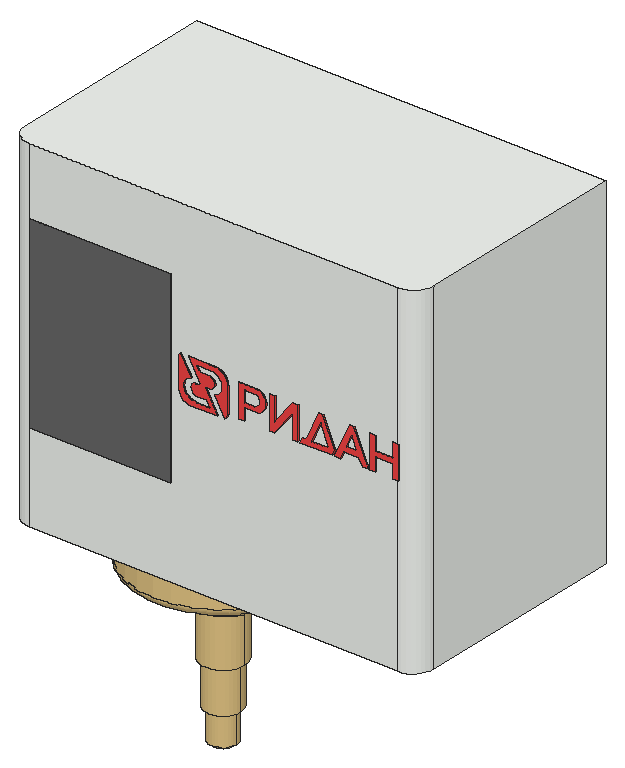
Revit family "Ридан_Термостат защиты от замерзания KP61R", category Арматура трубопроводов, Revit 2019
Family settings
  Размер круглого соединителя = Использовать диаметр
  Тип детали = Нормальный
  На основе рабочей плоскости = Нет
  Всегда вертикально = Да
  При загрузке вырезать с полостями = Нет
  Общий = Нет
Parameters (values of type "060L126566R - 12 м")
  Контакты_Производитель = "info@ridan.ru"  # constant formula
  LT = "KPI61R"  # constant formula
  ADSK_Наименование = size_lookup(LT, "Name", "", A)  # "Термостат защиты от замерзания KP61R,  капиллярная трубка 12 м"
  ADSK_Масса_Текст = ""
  ADSK_Масса = size_lookup(LT, "M", 0, A)  # 0.5
  ADSK_Марка = size_lookup(LT, "Mark", "", A)  # "KP61R"
  ADSK_Количество = 1  # constant formula
  ADSK_Код изделия = size_lookup(LT, "", "", A)  # "060L126566R"
  ADSK_Завод-изготовитель = "ООО «Ридан-Трейд»"  # constant formula
  ADSK_Единица измерения = "шт."
  ADSK_Версия семейства = "1.0"  # constant formula
  ADSK_Версия Revit = "2019"  # constant formula
  A = 4 mm
Types (5, lengths in mm): name | ADSK_Наименование | ADSK_Код изделия | A
  (no name) | "Термостат защиты от замерзания KP61R,  капиллярная трубка 12 м" | "060L126566R" | 4
  060L126666R - 1 м | "Термостат защиты от замерзания KP61R,  капиллярная трубка 1 м" | "060L126666R" | 1
  060L126766R - 3 м | "Термостат защиты от замерзания KP61R,  капиллярная трубка 3 м" | "060L126766R" | 2
  060L126466R - 6 м | "Термостат защиты от замерзания KP61R,  капиллярная трубка 6 м" | "060L126466R" | 3
  060L126566R - 12 м | "Термостат защиты от замерзания KP61R,  капиллярная трубка 12 м" | "060L126566R" | 4
Reference planes
  plane 1 "По центру (Вперед/Назад)": y = 0
  plane 2: z = 0
  plane 3 "По центру (Влево/Вправо)": x = 0
Forms (mm)
  Extrusion 1, solid, material "Белый", detail levels fine
    sketch origin (0, 0, 0) x (1, 0, 0) y (0, 1, 0)
      loop
        arc (-40, -19) -> (-38.828, -21.828) -> (-36, -23) r 4
        line (-36, -23) -> (36, -23)
        arc (36, -23) -> (38.828, -21.828) -> (40, -19) r 4
        line (40, -19) -> (40, 23) -> (-40, 23) -> (-40, -19)
    from 0 to 67.268
  Revolve 2, solid, material "Латунь", detail levels fine
    sketch origin (0, 0, 0) x (1, 0, 0) y (0, 0, 1)
      loop
        arc (-33.5, -8.232) -> (-33.061, -9.292) -> (-32, -9.732) r 1.5
        line (-32, -9.732) -> (-28.138, -9.732)
        arc (-28.138, -9.732) -> (-27.6, -9.888) -> (-27.231, -10.31) r 1
        line (-27.231, -10.31) -> (-25.769, -13.453)
        arc (-25.769, -13.453) -> (-25.4, -13.875) -> (-24.862, -14.032) r 1
        line (-24.862, -14.032) -> (-21.5, -14.032) -> (-21.5, -15.032) -> (-20.7, -15.032) -> (-20.7, -26.032) -> (-19.9, -26.032) -> (-19.9, -34.532) -> (-19.1, -34.532) -> (-19.1, -40.532) -> (-18.386, -41.032) -> (-16.5, -41.032) -> (-16.5, 0) -> (-33.5, 0) -> (-33.5, -8.232)
      axis (-16.5, -41.032) -> (-16.5, 0)
    angle from 0 to 360
  Revolve 3, solid, material "Пластик светло-черный", detail levels fine
    sketch origin (0, 0, 0) x (1, 0, 0) y (0, 0, 1)
      loop
        line (13, -2.432) -> (13.8, -2.432) -> (13.8, -3.932) -> (17.5, -3.932) -> (17.5, 0) -> (13, 0) -> (13, -2.432)
      axis (17.5, -3.932) -> (17.5, 0)
    angle from 0 to 360
  Extrusion 4, solid, material "Пластик светло-черный", detail levels fine
    sketch origin (-2.366, 0, 0) x (1, 0, 0) y (0, 0, 1)
      loop
        line (-5.9, 54.168) -> (-33.6, 54.168) -> (-33.6, 17.468) -> (-5.9, 17.468) -> (-5.9, 54.168)
    from 22.1 to 23.1
  Blend 5, solid, material "Пластик светло-черный", detail levels fine
    base sketch origin (0, 0, 0) x (1, 0, 0) y (0, 0, 1)
      loop
        arc (9.5, 44.318) -> (2.25, 51.568) -> (-5, 44.318) r 7.25
        line (-5, 44.318) -> (-5, 19.318)
        arc (-5, 19.318) -> (2.25, 12.068) -> (9.5, 19.318) r 7.25
        line (9.5, 19.318) -> (9.5, 44.318)
    top sketch origin (0, 0, 0) x (1, 0, 0) y (0, 0, 1)
      loop
        arc (5.383, 44.318) -> (2.25, 47.451) -> (-0.883, 44.318) r 3.133
        line (-0.883, 44.318) -> (-0.883, 19.318)
        arc (-0.883, 19.318) -> (2.25, 16.186) -> (5.383, 19.318) r 3.133
        line (5.383, 19.318) -> (5.383, 44.318)
    from -23 to -25
  Blend 6, solid, material "Пластик светло-черный", detail levels fine
    base sketch origin (0, 0, 0) x (1, 0, 0) y (0, 0, 1)
      loop
        arc (34.5, 44.318) -> (27.25, 51.568) -> (20, 44.318) r 7.25
        line (20, 44.318) -> (20, 19.318)
        arc (20, 19.318) -> (27.25, 12.068) -> (34.5, 19.318) r 7.25
        line (34.5, 19.318) -> (34.5, 44.318)
    top sketch origin (0, 0, 0) x (1, 0, 0) y (0, 0, 1)
      loop
        arc (30.383, 44.318) -> (27.25, 47.451) -> (24.117, 44.318) r 3.133
        line (24.117, 44.318) -> (24.117, 19.318)
        arc (24.117, 19.318) -> (27.25, 16.186) -> (30.383, 19.318) r 3.133
        line (30.383, 19.318) -> (30.383, 44.318)
    from -23 to -25
  Extrusion 7, solid, material "Красный", detail levels fine
    sketch origin (-16.325, 0.8, -26.802) x (1, 0, 0) y (0, 0, 1)
      loop
        line (11.538, 67.787) -> (13.847, 63.509) -> (13.018, 63.509)
        arc (13.018, 63.509) -> (12.336, 63.226) -> (12.054, 62.544) r 0.964
        arc (12.054, 62.544) -> (12.412, 61.679) -> (13.277, 61.321) r 1.223
        line (13.277, 61.321) -> (15.07, 61.321) -> (15.66, 60.211) -> (13.162, 60.211)
        arc (13.162, 60.211) -> (12.187, 60.384) -> (11.331, 60.882) r 2.835
        arc (11.331, 60.882) -> (10.709, 61.716) -> (10.649, 62.756) r 1.809
        arc (10.649, 62.756) -> (11.183, 63.706) -> (12.136, 64.234) r 1.993
        line (12.136, 64.234) -> (9.929, 67.787)
        arc (9.929, 67.787) -> (9.641, 67.323) -> (9.54, 66.786) r 1.486
        line (9.54, 66.786) -> (9.54, 61.74)
        arc (9.54, 61.74) -> (10.272, 59.975) -> (12.038, 59.243) r 2.497
        line (12.038, 59.243) -> (17.179, 59.243) -> (14.877, 63.509) -> (15.766, 63.509)
        arc (15.766, 63.509) -> (16.244, 63.738) -> (16.588, 64.142) r 1.277
        arc (16.588, 64.142) -> (16.698, 64.597) -> (16.588, 65.052) r 0.999
        arc (16.588, 65.052) -> (16.262, 65.494) -> (15.756, 65.709) r 1.04
        line (15.756, 65.709) -> (13.661, 65.709) -> (13.091, 66.779) -> (15.939, 66.779)
        arc (15.939, 66.779) -> (16.983, 66.466) -> (17.767, 65.709) r 2.306
        arc (17.767, 65.709) -> (18.074, 64.846) -> (17.984, 63.935) r 2.091
        arc (17.984, 63.935) -> (17.48, 63.154) -> (16.661, 62.715) r 1.854
        line (16.661, 62.715) -> (18.683, 59.349)
        arc (18.683, 59.349) -> (19.085, 59.697) -> (19.235, 60.207) r 0.943
        line (19.235, 60.207) -> (19.235, 65.245)
        arc (19.235, 65.245) -> (18.49, 67.043) -> (16.693, 67.787) r 2.542
        line (16.693, 67.787) -> (11.538, 67.787)
      loop
        line (21.379, 66.731) -> (21.379, 60.3) -> (22.498, 60.3) -> (22.498, 62.586) -> (24.76, 62.586)
        arc (24.76, 62.586) -> (25.747, 62.884) -> (26.447, 63.641) r 1.962
        arc (26.447, 63.641) -> (26.675, 64.9) -> (26.149, 66.068) r 2.156
        arc (26.149, 66.068) -> (25.516, 66.543) -> (24.747, 66.731) r 1.973
        line (24.747, 66.731) -> (21.379, 66.731)
      loop
        line (22.498, 65.717) -> (22.498, 63.5) -> (24.473, 63.5)
        arc (24.473, 63.5) -> (25.194, 63.859) -> (25.519, 64.596) r 1.186
        arc (25.519, 64.596) -> (25.24, 65.384) -> (24.473, 65.717) r 1.048
        line (24.473, 65.717) -> (22.498, 65.717)
      loop
        line (27.421, 66.731) -> (27.421, 60.3) -> (28.341, 60.3) -> (31.904, 64.785) -> (31.904, 60.3) -> (32.975, 60.3) -> (32.975, 66.731) -> (32.03, 66.731) -> (28.492, 62.233) -> (28.492, 66.731) -> (27.421, 66.731)
      loop
        line (33.399, 60.3) -> (39.788, 60.3) -> (40.222, 61.323) -> (37.848, 66.731) -> (36.984, 66.731) -> (34.619, 61.323) -> (33.833, 61.323) -> (33.399, 60.3)
      loop
        line (35.751, 61.323) -> (39.081, 61.323) -> (37.408, 65.136) -> (35.751, 61.323)
      loop
        line (43.059, 66.731) -> (40.231, 60.3) -> (41.38, 60.3) -> (41.998, 61.714) -> (44.942, 61.714) -> (45.56, 60.3) -> (46.733, 60.3) -> (43.922, 66.731) -> (43.059, 66.731)
      loop
        line (47.054, 66.731) -> (47.054, 60.3) -> (48.175, 60.3) -> (48.175, 63.028) -> (51.585, 63.028) -> (51.585, 60.3) -> (52.657, 60.3) -> (52.657, 66.731) -> (51.585, 66.731) -> (51.585, 64.05) -> (48.175, 64.05) -> (48.175, 66.731) -> (47.054, 66.731)
      loop
        line (42.444, 62.735) -> (44.496, 62.735) -> (43.455, 65.116) -> (42.444, 62.735)
    from 22.8 to 23.9
Lines and regions (mm)
  model lines, detail levels coarse+medium
    curve 1: circle (0.083, 0, 61.7) r 30 normal (0, -1, 0)
    curve 2: line (0.083, 0, 31.7) -> (0.083, 0, 0)
    curve 3: line (0, 0, 80.913) -> (0, 0, 38.646)
    curve 4: line (-15, 0, 80.913) -> (15, 0, 80.913)
Dimensions and locks
  aligned and locked: level to plane 2
Nested families
  nested 1: "УГО_ЭУ_реле_T" at (0, 0, 0), type "УГО_ЭУ_реле_T"
    with УГО_Длина 100 mm, УГО_Высота 76.308 mm
Connectors
  electrical at (17.5, 0, -3.932)
    settings: on Revolve 3, index 1, voltage 0 V, apparent load 0 VA, apparent load phase1 0 VA, apparent load phase2 0 VA, apparent load phase3 0 VA, power factor 1, load classification "Прочее", number of poles 1, system type 13, power factor state 1, is connector primary yes, connector utility no, sub classification motor no, connector description ""
Definition of nested family "УГО_ЭУ_реле_T"
  Parameters (values of type "УГО_ЭУ_реле_T")
    УГО_Длина [instance] = 100 mm
    УГО_Высота [instance] = УГО_Длина * 0.76308  # 76.308 mm
  Reference planes
    plane 1 "По центру (Вперед/Назад)": y = 0
    plane 2: z = 0
    plane 3 "По центру (Влево/Вправо)": x = 0
  Lines and regions (mm)
    detail lines, in view "Опорный уровень", detail levels coarse+medium
      curve 1: line (0, 0, 0) -> (0, 31, 0)
      curve 2: circle (0, 61, 0) r 30 normal (0, 0, 1)
      curve 3: line (0, 82.406, 59.779) -> (0, 40.139, 59.779)
      curve 4: line (-15, 82.406, 59.779) -> (15, 82.406, 59.779)
